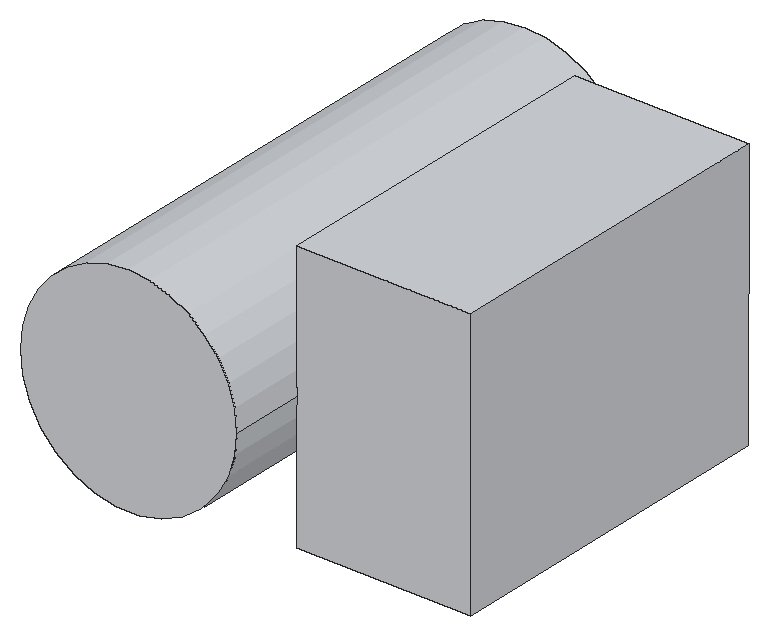
Revit family "RF-3", category Generic Models, Revit 2018
Family settings
  Can host rebar = No
  Round Connector Dimension = Use Diameter
  Part Type = Normal
  Work Plane-Based = No
  Always vertical = Yes
  Cut with Voids When Loaded = No
  Shared = No
  Room Calculation Point = No
Parameters (values of type "09" Inlet")
  URL = "www.anemostat-hvac.com"
  Radius = Diameter / 2  # 4 7/16"
  Model = "XAFT"
  Manufacturer = "Anemostat"
  Enclosure Height = 11 3/32"
  Enclosure Width = 14 7/32"
  Length = 20 5/16"
  Duct Size = Diameter + 1" / 32  # 8 29/32"
  Diameter = 8 7/8"
Types (10): name | Radius | Model | Length | Duct Size | Diameter
  (no name) | 4 7/16" | "XAFT" | 20 5/16" | 8 29/32" | 8 7/8"
  05" Inlet | 2 7/16" | "RF-3" | 20 5/16" | 4 29/32" | 4 7/8"
  06" Inlet | 2 15/16" | "XAFT" | 20 5/16" | 5 29/32" | 5 7/8"
  07" Inlet | 3 7/16" | "XAFT" | 20 5/16" | 6 29/32" | 6 7/8"
  08" Inlet | 3 15/16" | "XAFT" | 20 5/16" | 7 29/32" | 7 7/8"
  09" Inlet | 4 7/16" | "XAFT" | 20 5/16" | 8 29/32" | 8 7/8"
  10" Inlet | 4 15/16" | "XAFT" | 20 5/16" | 9 29/32" | 9 7/8"
  12" Inlet | 5 15/16" | "XAFT" | 23 57/64" | 11 29/32" | 11 7/8"
  14" Inlet | 6 15/16" | "XAFT" | 23 57/64" | 13 29/32" | 13 7/8"
  16" Inlet | 7 15/16" | "XAFT" | 23 57/64" | 15 29/32" | 15 7/8"
Reference planes (in)
  plane 1 "Center (Front/Back)": y = 0
  plane 2: z = 0
  plane 3 "Center (Left/Right)": x = 0
  plane 4: z = 15.5
  plane 5: z = 24.375
  plane 6: z = 19.9375
  plane 7: y = -3
  plane 8: y = -17.21875
  plane 9: z = 25.48437
  plane 10: z = 14.39062
  plane 11 "Enclosure": x = 4.4375
Forms (in)
  Extrusion 1, solid
    sketch origin (0, 0, 12.5) x (1, 0, 0) y (0, 0, 1)
      loop
        circle (0, 7.4375) r 4.4375
    from 0 to 20.3125 <- "Length"
  Extrusion 2, solid
    sketch origin (4.4375, 0, 0) x (0, 0, -1) y (0, -1, 0)
      loop
        line (-25.48437, 3) -> (-14.39062, 3) -> (-14.39062, 17.21875) -> (-25.48437, 17.21875) -> (-25.48437, 3)
    from 0 to -7.125
Dimensions and locks (in)
  equal spacing: plane 5, plane 6, plane 4
  "Diameter": plane 5 to plane 4
  locked: plane 1 "Center (Front/Back)" to plane 7 at 3
  "Radius": Extrusion 1 sketch curve to plane 6
  "Enclosure Width": plane 7 to plane 8
  "Enclosure Height": plane 9 to plane 10
  equal spacing: plane 9, plane 6, plane 10
  "Radius": plane 11 "Enclosure" to plane 3 "Center (Left/Right)"
  aligned and locked: plane 2 to level
  aligned and locked: Extrusion 2 sketch curve to plane 9
  aligned and locked: plane 7 to Extrusion 2 sketch curve
  aligned and locked: plane 10 to Extrusion 2 sketch curve
  aligned and locked: Extrusion 2 sketch curve to plane 8
Automatic sketch dimensions
  Extrusion 1 sketch curve to plane 3 "Center (Left/Right)" = 0"
  Extrusion 1 sketch curve to plane 6 = 0"
Connectors (in)
  hvac at (0, -20.3125, 19.9375), driven by "Duct Size"
    settings: on Extrusion 1, index 1, duct flow 0 CFM, flow factor 0, pres drop 0.00 in-wg, loss coef 0, conn angle 0.00°, conn width 12", conn height 12", conn diameter 8 29/32", duct sys type 1, conn prof type 0, flow config 0, flow direction 0, loss method 0, conn ref index -1, conn util no, is conn primary yes, conn desc ""
  hvac at (0, 0, 19.9375), driven by "Duct Size"
    settings: on Extrusion 1, index 2, duct flow 0 CFM, flow factor 0, pres drop 0.00 in-wg, loss coef 0, conn angle 0.00°, conn width 12", conn height 12", conn diameter 8 29/32", duct sys type 1, conn prof type 0, flow config 0, flow direction 0, loss method 0, conn ref index -1, conn util no, is conn primary no, conn desc ""
